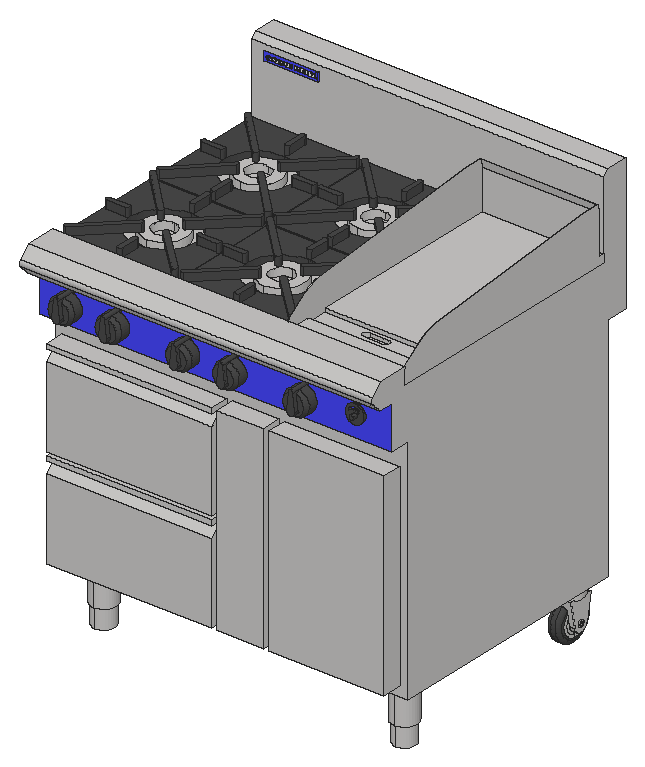
Revit family "QF_MOFFAT_BLUESEAL_CE_G516C-RB", category Specialty Equipment, Revit 2012
Parameters
  Weight in Pounds = 396  # constant formula
  Width [instance] = 900.00 mm  # constant formula
  Watts = 250 W
  Volts = 230 V
  URL Cutsheet = "www.moffat.com"
  URL = "www.moffat.com"
  Type Mark [instance] = ""
  Status [instance] = ""
  Specification by User [instance] = ""
  Specification by Manufacturer = ""
  Show Logo [instance] = yes
  Show Door [instance] = no
  Show Clearance [instance] = yes
  Show Casters [instance] = yes
  Serial Number = ""
  Seismic Rating = ""
  SMACNA No = ""
  Revision Code [instance] = ""
  Refrigerant Type = "R134a"
  Phase = 1
  Omniclass Number and Title = ""
  Number of Poles = 1
  NAFEM Spec ID Number = ""
  Model = "G516C-RB"
  Min Ckt Ampacity = 0 A
  Mechanical Remarks = ""
  Mechanical Connection Type = ""
  Max Overcurrent Protection = 0 A
  Masterspec = ""
  Manufacturer = "MOFFAT BLUESEAL"
  Legs [instance] = not(Show Casters)  # no
  Item Number [instance] = ""
  Installed By [instance] = ""
  Identify Quantity as Lot [instance] = yes
  HP = ""
  Gas Size = 3/4"
  Gas RI Height = 0.00 mm
  Gas KW = 34
  Gas Input = 116800.0 Btu/h
  Gas Connection Height = 0.00 mm
  Furnished By [instance] = ""
  Foodservice Equipment Identifier [instance] = yes
  FL Amps = 1.8 A
  Elec Conn RI Height = 0.00 mm
  Elec Conn Connection Height = 0.00 mm
  Drawer Clearance [instance] = and(Show Clearance, and(Drawer))  # yes
  Drawer [instance] = not(Show Door)  # yes
  Door Clearance [instance] = and(Show Clearance, and(Show Door))  # no
  Description = "900MM GAS COOK TOP ON REFRIGERATED BASE"
  Depth [instance] = 812.00 mm  # constant formula
  Cycle = 50 Hz
  Conn Plug = ""
  Conn Conduit = yes
  CSI MasterFormat = ""
  CSI Master Format = ""
  Back Splash [instance] = 215.00 mm  # constant formula
  Apparent Power = if(Phase = 3, Volts * FL Amps * 1.73, Volts * FL Amps)  # 414 VA
Reference planes
  plane 1 "BACK": y = 0
  plane 2: z = 0
  plane 3 "LEFT": x = 0
  plane 4 "RIGHT": x = 900
  plane 5 "FRONT": y = -812
  plane 6 "TOP": z = 970
  plane 7 "Center Y": x = 450
  plane 8 "Center X": y = -406
  plane 9 "Base Height": z = 150
  plane 10: z = 915
  plane 11: x = 65
  plane 12: x = 834
  plane 13: y = -625
  plane 14: x = 770
  plane 15: z = 655
  plane 16: y = -32
  plane 17: x = 617
  plane 18: z = 402
  plane 19: z = 1085
  plane 20: y = -100
Forms (mm)
  Extrusion 1, solid, material "QF_Finishes_Stainless Steel"
    sketch origin (0, 0, 0) x (0, 1, 0) y (0, 0, 1)
      loop
        line (-697, 150) -> (-57, 150) -> (-57, 740) -> (0, 740) -> (0, 1085) -> (-57.5, 1085) -> (-70, 1072.5) -> (-70, 875) -> (-705, 875) -> (-705, 915) -> (-783.97, 915) -> (-808.485, 890.485)
        arc (-808.485, 890.485) -> (-811.999, 882) -> (-808.485, 873.515) r 12
        line (-808.485, 873.515) -> (-784.97, 850) -> (-749, 850) -> (-749, 740) -> (-697, 740) -> (-697, 150)
    from 0 to 900
  Revolve 2, solid, material "QF_Finishes_Stainless Steel", visible <- "Legs"
    sketch origin (834, -210, 0) x (0, 1, 0) y (0, 0, -1)
      loop
        line (78.25, -150) -> (110, -150) -> (110, 0) -> (82.5, 0) -> (82.5, -50) -> (78.25, -50) -> (78.25, -150)
      axis (110, -150) -> (110, 0)
    angle from 0 to 360
  Revolve 3, solid, material "QF_Finishes_Stainless Steel"
    sketch origin (834, -735, 0) x (0, 1, 0) y (0, 0, -1)
      loop
        line (78.25, -150) -> (110, -150) -> (110, 0) -> (82.5, 0) -> (82.5, -50) -> (78.25, -50) -> (78.25, -150)
      axis (110, -150) -> (110, 0)
    angle from 0 to 360
  Revolve 4, solid, material "QF_Finishes_Stainless Steel", visible <- "Legs"
    sketch origin (65, -210, 0) x (0, 1, 0) y (0, 0, -1)
      loop
        line (78.25, -150) -> (110, -150) -> (110, 0) -> (82.5, 0) -> (82.5, -50) -> (78.25, -50) -> (78.25, -150)
      axis (110, -150) -> (110, 0)
    angle from 0 to 360
  Revolve 5, solid, material "QF_Finishes_Stainless Steel"
    sketch origin (65, -735, 0) x (0, 1, 0) y (0, 0, -1)
      loop
        line (78.25, -150) -> (110, -150) -> (110, 0) -> (82.5, 0) -> (82.5, -50) -> (78.25, -50) -> (78.25, -150)
      axis (110, -150) -> (110, 0)
    angle from 0 to 360
  Revolve 6, solid, material "QF_Finishes_Black"
    sketch origin (89.687, 0, 599.987) x (0, 1, 0) y (0, 0, -1)
      loop
        line (-789, -229.5) -> (-766, -229.5) -> (-766, -202) -> (-756, -202) -> (-756, -197) -> (-800, -197) -> (-800, -223.651) -> (-789, -229.5)
      axis (-800, -197) -> (-756, -197)
    angle from 0 to 360
  Extrusion 7, solid, material "QF_Finishes_Black"
    sketch origin (227.957, 0, 600.145) x (-1, 0, 0) y (0, 0, -1)
      loop
        line (127.85, -186.037) -> (133.271, -228.955)
        arc (133.271, -228.955) -> (138.27, -233.842) -> (143.268, -228.955) r 5
        line (143.268, -228.955) -> (148.757, -184.87)
        arc (148.757, -184.87) -> (137.685, -174.371) -> (127.85, -186.037) r 10.487
    from 759 to 808
  Extrusion 8, solid, material "QF_Finishes_Stainless Steel"
    sketch origin (0, -699, 685) x (1, 0, 0) y (0, -1, 0)
      loop
        circle (770, -667) r 13.5
    from -55 to 30
  Extrusion 9, solid, material "QF_Finishes_Stainless Steel"
    sketch origin (0, -57, 685) x (0, 0, 1) y (1, 0, 0)
      loop
        circle (-265, 620) r 13.5
    from 0 to 3.18
  Revolve 10, solid, material "QF_Finishes_Stainless Steel", visible <- "Show Casters"
    sketch origin (485.423, -100.755, -12.798) x (1, 0, 0) y (0, 0, 1)
      loop
        line (314.841, 63.604) -> (383.584, 63.604) -> (383.584, 67.109) -> (382.314, 68.379) -> (380.79, 68.379) -> (380.79, 71.826) -> (368.644, 71.826) -> (368.644, 81.79) -> (365.088, 83.843) -> (363.738, 92.179) -> (365.881, 92.179) -> (365.881, 98.529) -> (365.088, 98.529) -> (365.088, 104.879)
        arc (365.088, 104.879) -> (362.298, 111.614) -> (355.563, 114.404) r 9.525
        line (355.563, 114.404) -> (342.863, 114.404)
        arc (342.863, 114.404) -> (336.127, 111.614) -> (333.338, 104.879) r 9.525
        line (333.338, 104.879) -> (333.338, 98.529) -> (332.544, 98.529) -> (332.544, 92.179) -> (334.687, 92.179) -> (333.352, 83.932) -> (329.782, 81.871) -> (329.782, 71.826) -> (317.635, 71.826) -> (317.635, 68.379) -> (316.111, 68.379) -> (314.841, 67.109) -> (314.841, 63.604)
      axis (314.841, 63.604) -> (383.584, 63.604)
    angle from 0 to 360
  Extrusion 11, solid, material "QF_Finishes_Stainless Steel", visible <- "Show Casters"
    sketch origin (841.147, 132.353, -9.137) x (0, 1, 0) y (0, 0, 1)
      loop
        line (-200.603, 118.783) -> (-264.103, 118.783) -> (-251.746, 53.895)
        arc (-251.746, 53.895) -> (-232.353, 38.783) -> (-212.959, 53.895) r 20
        line (-212.959, 53.895) -> (-200.603, 118.783)
    from -35.667 to 22.923
  Revolve 12, solid, material "QF_Finishes_Stainless Steel", visible <- "Show Casters"
    sketch origin (834.646, -204, -0.354) x (0, 1, 0) y (0, 0, 1)
      loop
        line (68.25, 150) -> (68.25, 110) -> (104, 110) -> (104, 150) -> (68.25, 150)
      axis (104, 150) -> (104, 110)
    angle from 0 to 360
  Revolve 13, solid, material "QF_Finishes_Stainless Steel", visible <- "Show Casters"
    sketch origin (-283.577, -100.755, -12.798) x (1, 0, 0) y (0, 0, 1)
      loop
        line (314.841, 63.604) -> (383.584, 63.604) -> (383.584, 67.109) -> (382.314, 68.379) -> (380.79, 68.379) -> (380.79, 71.826) -> (368.644, 71.826) -> (368.644, 81.79) -> (365.088, 83.843) -> (363.738, 92.179) -> (365.881, 92.179) -> (365.881, 98.529) -> (365.088, 98.529) -> (365.088, 104.879)
        arc (365.088, 104.879) -> (362.298, 111.614) -> (355.563, 114.404) r 9.525
        line (355.563, 114.404) -> (342.863, 114.404)
        arc (342.863, 114.404) -> (336.127, 111.614) -> (333.338, 104.879) r 9.525
        line (333.338, 104.879) -> (333.338, 98.529) -> (332.544, 98.529) -> (332.544, 92.179) -> (334.687, 92.179) -> (333.352, 83.932) -> (329.782, 81.871) -> (329.782, 71.826) -> (317.635, 71.826) -> (317.635, 68.379) -> (316.111, 68.379) -> (314.841, 67.109) -> (314.841, 63.604)
      axis (314.841, 63.604) -> (383.584, 63.604)
    angle from 0 to 360
  Extrusion 14, solid, material "QF_Finishes_Stainless Steel", visible <- "Show Casters"
    sketch origin (72.147, 132.353, -9.137) x (0, 1, 0) y (0, 0, 1)
      loop
        line (-200.603, 118.783) -> (-264.103, 118.783) -> (-251.746, 53.895)
        arc (-251.746, 53.895) -> (-232.353, 38.783) -> (-212.959, 53.895) r 20
        line (-212.959, 53.895) -> (-200.603, 118.783)
    from -35.667 to 22.923
  Revolve 15, solid, material "QF_Finishes_Stainless Steel", visible <- "Show Casters"
    sketch origin (65.646, -204, -0.354) x (0, 1, 0) y (0, 0, 1)
      loop
        line (68.25, 150) -> (68.25, 110) -> (104, 110) -> (104, 150) -> (68.25, 150)
      axis (104, 150) -> (104, 110)
    angle from 0 to 360
  Revolve 16, solid, material "QF_Finishes_Black"
    sketch origin (210, 0, 600) x (0, 1, 0) y (0, 0, -1)
      loop
        line (-789, -229.5) -> (-766, -229.5) -> (-766, -202) -> (-756, -202) -> (-756, -197) -> (-800, -197) -> (-800, -223.651) -> (-789, -229.5)
      axis (-800, -197) -> (-756, -197)
    angle from 0 to 360
  Extrusion 17, solid, material "QF_Finishes_Black"
    sketch origin (348.27, 0, 600.158) x (-1, 0, 0) y (0, 0, -1)
      loop
        line (127.85, -186.037) -> (133.271, -228.955)
        arc (133.271, -228.955) -> (138.27, -233.842) -> (143.268, -228.955) r 5
        line (143.268, -228.955) -> (148.757, -184.87)
        arc (148.757, -184.87) -> (137.685, -174.371) -> (127.85, -186.037) r 10.487
    from 759 to 808
  Revolve 18, solid, material "QF_Finishes_Black"
    sketch origin (389.769, 0, 600) x (0, 1, 0) y (0, 0, -1)
      loop
        line (-789, -229.5) -> (-766, -229.5) -> (-766, -202) -> (-756, -202) -> (-756, -197) -> (-800, -197) -> (-800, -223.651) -> (-789, -229.5)
      axis (-800, -197) -> (-756, -197)
    angle from 0 to 360
  Extrusion 19, solid, material "QF_Finishes_Black"
    sketch origin (528.038, 0, 600.158) x (-1, 0, 0) y (0, 0, -1)
      loop
        line (127.85, -186.037) -> (133.271, -228.955)
        arc (133.271, -228.955) -> (138.27, -233.842) -> (143.268, -228.955) r 5
        line (143.268, -228.955) -> (148.757, -184.87)
        arc (148.757, -184.87) -> (137.685, -174.371) -> (127.85, -186.037) r 10.487
    from 759 to 808
  Revolve 20, solid, material "QF_Finishes_Black"
    sketch origin (689.769, 0, 600) x (0, 1, 0) y (0, 0, -1)
      loop
        line (-789, -229.5) -> (-766, -229.5) -> (-766, -202) -> (-756, -202) -> (-756, -197) -> (-800, -197) -> (-800, -223.651) -> (-789, -229.5)
      axis (-800, -197) -> (-756, -197)
    angle from 0 to 360
  Extrusion 21, solid, material "QF_Finishes_Black"
    sketch origin (828.038, 0, 600.158) x (-1, 0, 0) y (0, 0, -1)
      loop
        line (127.85, -186.037) -> (133.271, -228.955)
        arc (133.271, -228.955) -> (138.27, -233.842) -> (143.268, -228.955) r 5
        line (143.268, -228.955) -> (148.757, -184.87)
        arc (148.757, -184.87) -> (137.685, -174.371) -> (127.85, -186.037) r 10.487
    from 759 to 808
  Extrusion 22, solid, material "QF_Finishes_Black"
    sketch origin (0, -749, 866) x (0, 0, -1) y (1, 0, 0)
      loop
        circle (69, 810) r 23.9
      loop
        arc (57.701, 824.079) -> (51.116, 809.341) -> (58.919, 795.209) r 18.095
        arc (58.919, 795.209) -> (63.641, 796.491) -> (62.326, 801.204) r 3.448
        arc (62.326, 801.204) -> (58.758, 809.683) -> (61.641, 818.419) r 13.109
        arc (61.641, 818.419) -> (62.501, 823.219) -> (57.701, 824.079) r 3.448
    from 0 to 5
  Extrusion 23, solid, material "QF_Finishes_Black"
    sketch origin (0, -754, 866) x (0, 0, -1) y (1, 0, 0)
      loop
        circle (72.5, 810) r 5.75
    from 0 to 10
  Extrusion 24, solid, material "QF_Finishes_Stainless Steel"
    sketch origin (0, 0, 0) x (0, 1, 0) y (0, 0, 1)
      loop
        line (-699, 678) -> (-747, 678) -> (-747, 665) -> (-715.13, 665) -> (-749, 636.579) -> (-749, 431) -> (-699, 431) -> (-699, 678)
      loop
        line (-749, 175) -> (-699, 175) -> (-699, 421) -> (-747, 421) -> (-747, 408) -> (-715.13, 408) -> (-749, 379.579) -> (-749, 175)
    from 17.986 to 440
  Extrusion 25, solid, material "QF_Finishes_Stainless Steel"
    sketch origin (723.5, 0, 0) x (0, 1, 0) y (0, 0, 1)
      loop
        line (-699, 678) -> (-749, 678) -> (-749, 175) -> (-699, 175) -> (-699, 678)
    from -270.5 to -150.5
  Extrusion 26, solid, material "QF_Door-Drawer Clearances", visible <- "Show Clearance", detail levels coarse
    sketch origin (0, -749, 676) x (0, 0, -1) y (1, 0, 0)
      loop
        line (501, 440) -> (255, 440) -> (255, 17.986) -> (501, 17.986) -> (501, 440)
      loop
        line (245, 440) -> (-2, 440) -> (-2, 17.986) -> (245, 17.986) -> (245, 440)
    from 0 to 304.8
  Extrusion 27, solid, material "QF_Finishes_Stainless Steel"
    sketch origin (1031.5, 0, 0) x (0, 1, 0) y (0, 0, 1)
      loop
        line (-699, 678) -> (-749, 678) -> (-749, 175) -> (-699, 175) -> (-699, 678)
    from -444.5 to -150.5
  Revolve 28, solid, material "QF_Finishes_Black"
    sketch origin (510.081, 0, 600.013) x (0, 1, 0) y (0, 0, -1)
      loop
        line (-789, -229.5) -> (-766, -229.5) -> (-766, -202) -> (-756, -202) -> (-756, -197) -> (-800, -197) -> (-800, -223.651) -> (-789, -229.5)
      axis (-800, -197) -> (-756, -197)
    angle from 0 to 360
  Extrusion 29, solid, material "QF_Finishes_Black"
    sketch origin (648.351, 0, 600.171) x (-1, 0, 0) y (0, 0, -1)
      loop
        line (127.85, -186.037) -> (133.271, -228.955)
        arc (133.271, -228.955) -> (138.27, -233.842) -> (143.268, -228.955) r 5
        line (143.268, -228.955) -> (148.757, -184.87)
        arc (148.757, -184.87) -> (137.685, -174.371) -> (127.85, -186.037) r 10.487
    from 759 to 808
Lines and regions (mm)
  Split face 1
    outline origin (0, 612.322, 1085) x (0, -1, 0) y (1, 0, 0)
      loop
        arc (657.707, 566) -> (652.707, 574.66) -> (642.707, 574.66) r 10
        line (642.707, 574.66) -> (635.707, 570.619)
        arc (635.707, 570.619) -> (632.047, 566.959) -> (630.707, 561.959) r 10
        line (630.707, 561.959) -> (630.707, 334)
        arc (630.707, 334) -> (635.707, 325.34) -> (645.707, 325.34) r 10
        line (645.707, 325.34) -> (652.707, 329.381)
        arc (652.707, 329.381) -> (656.368, 333.041) -> (657.707, 338.041) r 10
        line (657.707, 338.041) -> (657.707, 566)
  Split face 2
    outline origin (0, 612.322, 1085) x (0, -1, 0) y (1, 0, 0)
      loop
        arc (630.707, 624) -> (635.707, 615.34) -> (645.707, 615.34) r 10
        line (645.707, 615.34) -> (652.707, 619.381)
        arc (652.707, 619.381) -> (656.368, 623.041) -> (657.707, 628.041) r 10
        line (657.707, 628.041) -> (657.707, 856)
        arc (657.707, 856) -> (652.707, 864.66) -> (642.707, 864.66) r 10
        line (642.707, 864.66) -> (635.707, 860.619)
        arc (635.707, 860.619) -> (632.047, 856.959) -> (630.707, 851.959) r 10
        line (630.707, 851.959) -> (630.707, 624)
  Split face 3
    outline origin (0, 612.322, 1085) x (0, -1, 0) y (1, 0, 0)
      loop
        arc (657.707, 276) -> (652.707, 284.66) -> (642.707, 284.66) r 10
        line (642.707, 284.66) -> (635.707, 280.619)
        arc (635.707, 280.619) -> (632.047, 276.959) -> (630.707, 271.959) r 10
        line (630.707, 271.959) -> (630.707, 44)
        arc (630.707, 44) -> (635.707, 35.34) -> (645.707, 35.34) r 10
        line (645.707, 35.34) -> (652.707, 39.381)
        arc (652.707, 39.381) -> (656.368, 43.041) -> (657.707, 48.041) r 10
        line (657.707, 48.041) -> (657.707, 276)
  Split face 4
    outline origin (1031.5, -749, 676) x (0, 0, -1) y (1, 0, 0)
      loop
        line (291.62, -416.534) -> (481.62, -416.534) -> (481.62, -181.534) -> (291.62, -181.534) -> (291.62, -416.534)
  Split face 5
    outline origin (1031.5, -749, 931) x (0, 0, -1) y (1, 0, 0)
      loop
        line (291.62, -416.534) -> (356.62, -416.534) -> (356.62, -181.534) -> (291.62, -181.534) -> (291.62, -416.534)
  Split face 6
    outline origin (1031.5, -749, 807.725) x (0, 0, -1) y (1, 0, 0)
      loop
        line (307.841, -274.649) -> (342.841, -274.649) -> (342.841, -219.649) -> (307.841, -219.649) -> (307.841, -274.649)
  Split face 7
    outline origin (939.097, -749, 808.536) x (0, 0, -1) y (1, 0, 0)
      loop
        line (307.841, -274.649) -> (342.841, -274.649) -> (342.841, -239.649) -> (307.841, -239.649) -> (307.841, -274.649)
  symbolic lines
    curve 1: line (0, 0, 0) -> (0, -812, 0)
    curve 2: line (900, 0, 0) -> (0, 0, 0)
    curve 3: line (900, -812, 0) -> (900, 0, 0)
    curve 4: line (0, -812, 0) -> (900, -812, 0)
    curve 13: line (0, -783.97, 0) -> (900, -783.97, 0)
    curve 14: line (0, -70, 0) -> (900, -70, 0)
    curve 15: line (334, -18.385, 0) -> (561.959, -18.385, 0)
    curve 16: arc (561.959, -18.385, 0) -> (566.959, -19.725, 0) -> (570.619, -23.385, 0) r 10
    curve 17: line (570.619, -23.385, 0) -> (574.66, -30.385, 0)
    curve 18: arc (574.66, -30.385, 0) -> (574.66, -40.385, 0) -> (566, -45.385, 0) r 10
    curve 19: line (566, -45.385, 0) -> (338.041, -45.385, 0)
    curve 20: arc (338.041, -45.385, 0) -> (333.041, -44.045, 0) -> (329.381, -40.385, 0) r 10
    curve 21: line (329.381, -40.385, 0) -> (325.34, -33.385, 0)
    curve 22: arc (325.34, -33.385, 0) -> (325.34, -23.385, 0) -> (334, -18.385, 0) r 10
    curve 23: line (44, -18.385, 0) -> (271.959, -18.385, 0)
    curve 24: arc (271.959, -18.385, 0) -> (276.959, -19.725, 0) -> (280.619, -23.385, 0) r 10
    curve 25: line (280.619, -23.385, 0) -> (284.66, -30.385, 0)
    curve 26: arc (284.66, -30.385, 0) -> (284.66, -40.385, 0) -> (276, -45.385, 0) r 10
    curve 27: line (276, -45.385, 0) -> (48.041, -45.385, 0)
    curve 28: arc (48.041, -45.385, 0) -> (43.041, -44.045, 0) -> (39.381, -40.385, 0) r 10
    curve 29: line (39.381, -40.385, 0) -> (35.34, -33.385, 0)
    curve 30: arc (35.34, -33.385, 0) -> (35.34, -23.385, 0) -> (44, -18.385, 0) r 10
    curve 31: line (624, -18.385, 0) -> (851.959, -18.385, 0)
    curve 32: arc (851.959, -18.385, 0) -> (856.959, -19.725, 0) -> (860.619, -23.385, 0) r 10
    curve 33: line (860.619, -23.385, 0) -> (864.66, -30.385, 0)
    curve 34: arc (864.66, -30.385, 0) -> (864.66, -40.385, 0) -> (856, -45.385, 0) r 10
    curve 35: line (856, -45.385, 0) -> (628.041, -45.385, 0)
    curve 36: arc (628.041, -45.385, 0) -> (623.041, -44.045, 0) -> (619.381, -40.385, 0) r 10
    curve 37: line (619.381, -40.385, 0) -> (615.34, -33.385, 0)
    curve 38: arc (615.34, -33.385, 0) -> (615.34, -23.385, 0) -> (624, -18.385, 0) r 10
    curve 39: line (0, -57.5, 0) -> (900, -57.5, 0)
  symbolic lines, style "SpecialityEquipmentHiddenLines", visible <- "Show Casters"
    curve 5: line (875.952, -62.61, 0) -> (825.152, -150.598, 0)
    curve 6: line (848.456, -46.735, 0) -> (875.952, -62.61, 0)
    curve 7: line (797.656, -134.723, 0) -> (848.456, -46.735, 0)
    curve 8: line (825.152, -150.598, 0) -> (797.656, -134.723, 0)
    curve 9: line (106.952, -62.61, 0) -> (56.152, -150.598, 0)
    curve 10: line (79.456, -46.735, 0) -> (106.952, -62.61, 0)
    curve 11: line (28.656, -134.723, 0) -> (79.456, -46.735, 0)
    curve 12: line (56.152, -150.598, 0) -> (28.656, -134.723, 0)
  symbolic lines, style "QF_Door-Drawer Clearances"
    curve 40: line (17.986, -1053.8, 0) -> (440, -1053.8, 0)
    curve 41: line (440, -1053.8, 0) -> (440, -812, 0)
    curve 42: line (17.986, -1053.8, 0) -> (17.986, -812, 0)
Dimensions and locks
  equal spacing: plane 3 "LEFT", plane 7 "Center Y", plane 4 "RIGHT"
  "Width": plane 3 "LEFT" to plane 4 "RIGHT"
  equal spacing: plane 5 "FRONT", plane 8 "Center X", plane 1 "BACK"
  "Depth": plane 5 "FRONT" to plane 1 "BACK"
  locked: plane 10 to level at 915
  locked: plane 9 "Base Height" to level at 150
  plane 6 "TOP" to plane 10 = 55.00 mm
  plane 12 to plane 11 = 769.00 mm
  plane 6 "TOP" to level = 970.00 mm
  plane 14 to plane 4 "RIGHT" = 130.00 mm
  plane 15 to level = 655.00 mm
  plane 16 to plane 1 "BACK" = 32.00 mm
  plane 17 to plane 4 "RIGHT" = 283.00 mm
  plane 18 to level = 402.00 mm
  plane 19 to plane 2 = 1085.00 mm
  Revolve 10 sketch curve to Revolve 10 sketch curve = 50.80 mm
  Revolve 13 sketch curve to Revolve 13 sketch curve = 50.80 mm
  plane 2 to Extrusion 9 sketch curve = 420.00 mm
  aligned and locked: level to plane 2
Automatic sketch dimensions
  plane 1 "BACK" to curve 1 = 0.00 mm
  curve 1 to plane 3 "LEFT" = 0.00 mm
  plane 5 "FRONT" to curve 42 = 0.00 mm
  curve 39 to plane 4 "RIGHT" = 0.00 mm
  plane 3 "LEFT" to curve 42 = 17.986 mm
  plane 3 "LEFT" to curve 12 = 28.656 mm
  curve 29 to plane 16 = 1.385 mm
  curve 29 to plane 11 = 29.66 mm
  curve 29 to plane 16 = 8.385 mm
  curve 30 to curve 29 = 4.041 mm
  plane 16 to curve 23 = 13.615 mm
  curve 30 to curve 23 = 8.66 mm
  curve 28 to curve 28 = 8.66 mm
  curve 9 to plane 11 = 8.848 mm
  plane 11 to curve 11 = 14.456 mm
  plane 16 to curve 24 = 3.615 mm
  curve 9 to curve 24 = 165.007 mm
  curve 26 to plane 16 = 3.385 mm
  curve 24 to curve 26 = 4.041 mm
  plane 16 to curve 24 = 8.615 mm
  plane 16 to curve 25 = 1.615 mm
  curve 25 to curve 25 = 4.041 mm
  curve 22 to plane 16 = 1.385 mm
  curve 25 to curve 22 = 40.679 mm
  curve 21 to plane 16 = 8.385 mm
  curve 21 to curve 21 = 4.041 mm
  plane 16 to curve 15 = 13.615 mm
  curve 22 to curve 15 = 8.66 mm
  curve 21 to curve 19 = 8.66 mm
  curve 41 to plane 7 "Center Y" = 10.00 mm
  curve 15 to plane 17 = 55.041 mm
  curve 16 to curve 19 = 4.041 mm
  plane 16 to curve 17 = 8.615 mm
  curve 15 to curve 17 = 8.66 mm
  plane 16 to curve 17 = 1.615 mm
  curve 17 to curve 17 = 4.041 mm
  curve 38 to plane 17 = 1.66 mm
  plane 17 to curve 36 = 2.381 mm
  plane 17 to curve 38 = 7.00 mm
  curve 36 to plane 16 = 3.385 mm
  curve 38 to curve 36 = 4.041 mm
  plane 14 to curve 8 = 27.656 mm
  plane 12 to curve 5 = 8.848 mm
  curve 7 to plane 12 = 14.456 mm
  plane 16 to curve 32 = 3.615 mm
  curve 32 to plane 12 = 17.959 mm
  curve 34 to plane 16 = 3.385 mm
  curve 32 to curve 34 = 4.041 mm  (x2)
  plane 16 to curve 33 = 8.615 mm
  curve 32 to curve 33 = 8.66 mm
  plane 16 to curve 34 = 1.615 mm
  curve 40 to curve 42 = 241.80 mm
  curve 13 to plane 5 "FRONT" = 28.03 mm
  plane 20 to curve 9 = 50.598 mm
  plane 20 to curve 5 = 50.598 mm
  curve 5 to curve 7 = 15.875 mm
  curve 9 to curve 11 = 15.875 mm
  curve 14 to curve 5 = 7.39 mm
  curve 14 to curve 39 = 12.50 mm
  curve 18 to plane 16 = 13.385 mm
  curve 37 to plane 16 = 1.385 mm
  Extrusion 1 sketch curve to plane 10 = 0.00 mm
  Extrusion 1 sketch curve to plane 9 "Base Height" = 0.00 mm
  Extrusion 1 sketch curve to plane 19 = 0.00 mm
  Extrusion 1 sketch curve to plane 1 "BACK" = 0.00 mm
  Extrusion 1 sketch curve to plane 16 = 25.00 mm
  Extrusion 1 sketch curve to plane 16 = 25.50 mm
  Extrusion 1 sketch curve to plane 20 = 30.00 mm
  Extrusion 1 sketch curve to plane 13 = 72.00 mm
  Extrusion 1 sketch curve to plane 13 = 80.00 mm
  Extrusion 1 sketch curve to Extrusion 1 sketch curve = 44.00 mm
  Extrusion 1 sketch curve to plane 5 "FRONT" = 28.03 mm
  Extrusion 1 sketch curve to plane 5 "FRONT" = 27.03 mm
  Extrusion 1 sketch curve to plane 5 "FRONT" = 12.001 mm
  Extrusion 1 sketch curve to plane 5 "FRONT" = 3.515 mm  (x2)
  plane 15 to Extrusion 1 sketch curve = 85.00 mm  (x2)
  Extrusion 1 sketch curve to plane 10 = 65.00 mm
  Extrusion 1 sketch curve to Extrusion 1 sketch curve = 23.515 mm
  Extrusion 1 sketch curve to Extrusion 1 sketch curve = 40.00 mm
  Extrusion 1 sketch curve to Extrusion 1 sketch curve = 8.485 mm
  Extrusion 1 sketch curve to plane 19 = 12.50 mm
  Revolve 2 sketch curve to plane 9 "Base Height" = 0.00 mm
  Revolve 2 sketch curve to level = 0.00 mm
  Revolve 2 sketch curve to plane 20 = 0.00 mm  (x2)
  plane 20 to Revolve 2 sketch curve = 27.50 mm
  plane 20 to Revolve 2 sketch curve = 31.75 mm
  level to Revolve 2 sketch curve = 50.00 mm
  Revolve 2 sketch curve to Revolve 2 sketch curve = 0.00 mm
  Revolve 2 sketch curve to Revolve 2 sketch curve = 55.00 mm
  Revolve 3 sketch curve to plane 9 "Base Height" = 0.00 mm
  Revolve 3 sketch curve to level = 0.00 mm
  Revolve 3 sketch curve to plane 13 = 0.00 mm  (x2)
  Revolve 3 sketch curve to plane 13 = 27.50 mm
  Revolve 3 sketch curve to plane 13 = 31.75 mm
  level to Revolve 3 sketch curve = 50.00 mm
  Revolve 3 sketch curve to Revolve 3 sketch curve = 0.00 mm
  Revolve 3 sketch curve to Revolve 3 sketch curve = 55.00 mm
  Revolve 4 sketch curve to plane 9 "Base Height" = 0.00 mm
  Revolve 4 sketch curve to level = 0.00 mm
  Revolve 4 sketch curve to plane 20 = 0.00 mm  (x2)
  plane 20 to Revolve 4 sketch curve = 27.50 mm
  plane 20 to Revolve 4 sketch curve = 31.75 mm
  level to Revolve 4 sketch curve = 50.00 mm
  Revolve 4 sketch curve to Revolve 4 sketch curve = 0.00 mm
  Revolve 4 sketch curve to Revolve 4 sketch curve = 55.00 mm
  Revolve 5 sketch curve to plane 9 "Base Height" = 0.00 mm
  Revolve 5 sketch curve to level = 0.00 mm
  Revolve 5 sketch curve to plane 13 = 0.00 mm  (x2)
  Revolve 5 sketch curve to plane 13 = 27.50 mm
  Revolve 5 sketch curve to plane 13 = 31.75 mm
  level to Revolve 5 sketch curve = 50.00 mm
  Revolve 5 sketch curve to Revolve 5 sketch curve = 0.00 mm
  Revolve 5 sketch curve to Revolve 5 sketch curve = 55.00 mm
  Revolve 6 sketch curve to plane 5 "FRONT" = 12.00 mm
  Revolve 6 sketch curve to Revolve 6 sketch curve = 0.00 mm  (x2)
  Revolve 6 sketch curve to Revolve 6 sketch curve = 11.00 mm
  Revolve 6 sketch curve to Revolve 6 sketch curve = 12.70 mm
  Revolve 6 sketch curve to Revolve 6 sketch curve = 23.00 mm
  Revolve 6 sketch curve to Revolve 6 sketch curve = 10.00 mm
  Revolve 6 sketch curve to plane 10 = 85.513 mm
  Revolve 6 sketch curve to Revolve 6 sketch curve = 5.849 mm
  Revolve 6 sketch curve to Revolve 6 sketch curve = 27.50 mm
  Revolve 6 sketch curve to Revolve 6 sketch curve = 5.00 mm
  plane 11 to Extrusion 7 sketch curve = 35.106 mm
  plane 11 to Extrusion 7 sketch curve = 29.686 mm
  Extrusion 7 sketch curve to Extrusion 7 sketch curve = 10.419 mm
  Extrusion 7 sketch curve to Extrusion 7 sketch curve = 4.999 mm  (x2)
  Extrusion 7 sketch curve to Extrusion 7 sketch curve = 10.487 mm
  Extrusion 7 sketch curve to plane 10 = 85.899 mm
  Extrusion 7 sketch curve to Extrusion 7 sketch curve = 0.113 mm
  Extrusion 7 sketch curve to Extrusion 7 sketch curve = 42.919 mm
  Extrusion 7 sketch curve to Extrusion 7 sketch curve = 1.167 mm
  Extrusion 8 sketch curve to plane 14 = 0.00 mm
  Extrusion 8 sketch curve to plane 16 = 0.00 mm
  Extrusion 1 to Extrusion 9 sketch curve = 280.00 mm
  plane 14 to Revolve 10 sketch curve = 30.264 mm
  Revolve 10 sketch curve to Revolve 10 sketch curve = 1.27 mm  (x4)
  Revolve 10 sketch curve to Revolve 10 sketch curve = 1.524 mm  (x2)
  Revolve 10 sketch curve to Revolve 10 sketch curve = 12.146 mm  (x2)
  plane 12 to Revolve 10 sketch curve = 16.033 mm
  Revolve 10 sketch curve to Revolve 10 sketch curve = 0.794 mm  (x2)
  Revolve 10 sketch curve to Revolve 10 sketch curve = 3.57 mm
  Revolve 10 sketch curve to Revolve 10 sketch curve = 2.143 mm
  plane 12 to Revolve 10 sketch curve = 5.715 mm
  Revolve 10 sketch curve to plane 12 = 5.776 mm
  Revolve 10 sketch curve to plane 12 = 6.985 mm
  Revolve 10 sketch curve to Revolve 10 sketch curve = 8.176 mm
  Revolve 10 sketch curve to Revolve 10 sketch curve = 1.349 mm  (x2)
  Revolve 10 sketch curve to Revolve 10 sketch curve = 3.556 mm
  Revolve 10 sketch curve to plane 4 "RIGHT" = 2.327 mm
  level to Revolve 10 sketch curve = 50.806 mm
  Revolve 10 sketch curve to Revolve 10 sketch curve = 0.00 mm
  Revolve 10 sketch curve to Revolve 10 sketch curve = 3.505 mm  (x2)
  Revolve 10 sketch curve to Revolve 10 sketch curve = 3.447 mm  (x2)
  Revolve 10 sketch curve to Revolve 10 sketch curve = 9.964 mm
  Revolve 10 sketch curve to Revolve 10 sketch curve = 10.045 mm
  Revolve 10 sketch curve to Revolve 10 sketch curve = 2.053 mm
  Revolve 10 sketch curve to Revolve 10 sketch curve = 2.061 mm
  Revolve 10 sketch curve to Revolve 10 sketch curve = 8.247 mm
  Revolve 10 sketch curve to Revolve 10 sketch curve = 8.336 mm
  Revolve 10 sketch curve to Revolve 10 sketch curve = 6.35 mm  (x2)
  Extrusion 11 sketch curve to plane 20 = 0.00 mm
  plane 20 to Extrusion 11 sketch curve = 19.393 mm
  plane 20 to Extrusion 11 sketch curve = 31.75 mm
  Extrusion 11 sketch curve to plane 20 = 19.393 mm
  Extrusion 11 sketch curve to plane 20 = 31.75 mm
  level to Extrusion 11 sketch curve = 44.758 mm
  Extrusion 11 sketch curve to Extrusion 11 sketch curve = 4.889 mm
  Extrusion 11 sketch curve to plane 9 "Base Height" = 40.354 mm
  Revolve 12 sketch curve to plane 20 = 0.00 mm  (x2)
  Revolve 12 sketch curve to plane 9 "Base Height" = 0.354 mm
  Revolve 12 sketch curve to Revolve 12 sketch curve = 35.75 mm
  Revolve 12 sketch curve to Revolve 12 sketch curve = 40.00 mm
  level to Revolve 12 sketch curve = 49.646 mm
  Revolve 12 sketch curve to level = 55.354 mm
  plane 3 "LEFT" to Revolve 13 sketch curve = 31.264 mm
  Revolve 13 sketch curve to Revolve 13 sketch curve = 1.27 mm  (x4)
  Revolve 13 sketch curve to Revolve 13 sketch curve = 1.524 mm  (x2)
  Revolve 13 sketch curve to Revolve 13 sketch curve = 12.146 mm  (x2)
  Revolve 13 sketch curve to plane 11 = 16.033 mm
  Revolve 13 sketch curve to Revolve 13 sketch curve = 0.794 mm  (x2)
  Revolve 13 sketch curve to Revolve 13 sketch curve = 3.57 mm
  Revolve 13 sketch curve to Revolve 13 sketch curve = 2.143 mm
  Revolve 13 sketch curve to plane 11 = 5.715 mm
  plane 11 to Revolve 13 sketch curve = 5.776 mm
  plane 11 to Revolve 13 sketch curve = 6.985 mm
  Revolve 13 sketch curve to Revolve 13 sketch curve = 8.176 mm
  Revolve 13 sketch curve to Revolve 13 sketch curve = 1.349 mm  (x2)
  Revolve 13 sketch curve to Revolve 13 sketch curve = 3.556 mm
  Revolve 13 sketch curve to Revolve 13 sketch curve = 33.32 mm
  level to Revolve 13 sketch curve = 50.806 mm
  Revolve 13 sketch curve to Revolve 13 sketch curve = 0.00 mm
  Revolve 13 sketch curve to Revolve 13 sketch curve = 3.505 mm  (x2)
  Revolve 13 sketch curve to Revolve 13 sketch curve = 3.447 mm  (x2)
  Revolve 13 sketch curve to Revolve 13 sketch curve = 9.964 mm
  Revolve 13 sketch curve to Revolve 13 sketch curve = 10.045 mm
  Revolve 13 sketch curve to Revolve 13 sketch curve = 2.053 mm
  Revolve 13 sketch curve to Revolve 13 sketch curve = 2.061 mm
  Revolve 13 sketch curve to Revolve 13 sketch curve = 8.247 mm
  Revolve 13 sketch curve to Revolve 13 sketch curve = 8.336 mm
  Revolve 13 sketch curve to Revolve 13 sketch curve = 6.35 mm  (x2)
  Extrusion 14 sketch curve to plane 20 = 0.00 mm
  plane 20 to Extrusion 14 sketch curve = 19.393 mm
  plane 20 to Extrusion 14 sketch curve = 31.75 mm
  Extrusion 14 sketch curve to plane 20 = 19.393 mm
  Extrusion 14 sketch curve to plane 20 = 31.75 mm
  level to Extrusion 14 sketch curve = 44.758 mm
  Extrusion 14 sketch curve to Extrusion 14 sketch curve = 4.889 mm
  Extrusion 14 sketch curve to plane 9 "Base Height" = 40.354 mm
  Revolve 15 sketch curve to plane 20 = 0.00 mm  (x2)
  Revolve 15 sketch curve to plane 9 "Base Height" = 0.354 mm
  plane 20 to Revolve 15 sketch curve = 35.75 mm
  Revolve 15 sketch curve to Revolve 15 sketch curve = 40.00 mm
  level to Revolve 15 sketch curve = 49.646 mm
  Revolve 15 sketch curve to level = 55.354 mm
  Split face 1 sketch curve to Extrusion 1 = 18.385 mm
  Split face 1 sketch curve to Split face 1 sketch curve = 5.00 mm  (x2)
  Split face 1 sketch curve to Split face 1 sketch curve = 10.00 mm  (x3)
  Split face 1 sketch curve to Split face 1 sketch curve = 7.00 mm  (x4)
  Split face 1 sketch curve to Extrusion 1 = 325.34 mm
  Split face 1 sketch curve to Split face 1 sketch curve = 4.041 mm  (x2)
  Split face 1 sketch curve to Split face 1 sketch curve = 223.917 mm
  Split face 2 sketch curve to Extrusion 1 = 18.385 mm
  Split face 2 sketch curve to Split face 2 sketch curve = 5.00 mm  (x2)
  Split face 2 sketch curve to Split face 2 sketch curve = 10.00 mm  (x3)
  Split face 2 sketch curve to Split face 2 sketch curve = 7.00 mm  (x4)
  Split face 2 sketch curve to Extrusion 1 = 284.66 mm
  Split face 2 sketch curve to Split face 2 sketch curve = 4.041 mm  (x2)
  Split face 2 sketch curve to Extrusion 1 = 48.041 mm
  Split face 3 sketch curve to Extrusion 1 = 18.385 mm
  Split face 3 sketch curve to Split face 3 sketch curve = 5.00 mm  (x2)
  Split face 3 sketch curve to Split face 3 sketch curve = 10.00 mm  (x3)
  Split face 3 sketch curve to Split face 3 sketch curve = 7.00 mm  (x4)
  Split face 3 sketch curve to Extrusion 1 = 35.34 mm
  Split face 3 sketch curve to Split face 3 sketch curve = 4.041 mm  (x2)
  Split face 3 sketch curve to Split face 3 sketch curve = 223.917 mm
  Revolve 16 sketch curve to plane 5 "FRONT" = 12.00 mm
  Revolve 16 sketch curve to Revolve 16 sketch curve = 0.00 mm  (x2)
  Revolve 16 sketch curve to Revolve 16 sketch curve = 11.00 mm
  Revolve 16 sketch curve to Revolve 16 sketch curve = 12.70 mm
  Revolve 16 sketch curve to Revolve 16 sketch curve = 23.00 mm
  Revolve 16 sketch curve to Revolve 16 sketch curve = 10.00 mm
  Revolve 16 sketch curve to plane 10 = 85.50 mm
  Revolve 16 sketch curve to Revolve 16 sketch curve = 5.849 mm
  Revolve 16 sketch curve to Revolve 16 sketch curve = 27.50 mm
  Revolve 16 sketch curve to Revolve 16 sketch curve = 5.00 mm
  plane 11 to Extrusion 17 sketch curve = 155.419 mm
  Extrusion 17 sketch curve to Extrusion 17 sketch curve = 5.421 mm
  Extrusion 17 sketch curve to Extrusion 17 sketch curve = 10.419 mm
  Extrusion 17 sketch curve to Extrusion 17 sketch curve = 4.999 mm  (x2)
  Extrusion 17 sketch curve to plane 10 = 85.887 mm
  Extrusion 17 sketch curve to Extrusion 17 sketch curve = 10.487 mm
  Extrusion 17 sketch curve to Extrusion 17 sketch curve = 0.113 mm
  Extrusion 17 sketch curve to Extrusion 17 sketch curve = 42.919 mm
  Extrusion 17 sketch curve to Extrusion 17 sketch curve = 1.167 mm
  Revolve 18 sketch curve to plane 5 "FRONT" = 12.00 mm
  Revolve 18 sketch curve to Revolve 18 sketch curve = 0.00 mm  (x2)
  Revolve 18 sketch curve to Revolve 18 sketch curve = 11.00 mm
  Revolve 18 sketch curve to Revolve 18 sketch curve = 12.70 mm
  Revolve 18 sketch curve to Revolve 18 sketch curve = 23.00 mm
  Revolve 18 sketch curve to Revolve 18 sketch curve = 10.00 mm
  Revolve 18 sketch curve to plane 10 = 85.50 mm
  Revolve 18 sketch curve to Revolve 18 sketch curve = 5.849 mm
  Revolve 18 sketch curve to Revolve 18 sketch curve = 27.50 mm
  Revolve 18 sketch curve to Revolve 18 sketch curve = 5.00 mm
  Extrusion 19 sketch curve to plane 7 "Center Y" = 49.812 mm
  Extrusion 19 sketch curve to Extrusion 19 sketch curve = 5.421 mm
  Extrusion 19 sketch curve to Extrusion 19 sketch curve = 10.419 mm
  Extrusion 19 sketch curve to Extrusion 19 sketch curve = 4.999 mm  (x2)
  Extrusion 19 sketch curve to Extrusion 19 sketch curve = 10.487 mm
  Extrusion 19 sketch curve to plane 10 = 85.887 mm
  Extrusion 19 sketch curve to Extrusion 19 sketch curve = 0.113 mm
  Extrusion 19 sketch curve to Extrusion 19 sketch curve = 42.919 mm
  Extrusion 19 sketch curve to Extrusion 19 sketch curve = 1.167 mm
  Revolve 20 sketch curve to plane 5 "FRONT" = 12.00 mm
  Revolve 20 sketch curve to Revolve 20 sketch curve = 0.00 mm  (x2)
  Revolve 20 sketch curve to Revolve 20 sketch curve = 11.00 mm
  Revolve 20 sketch curve to Revolve 20 sketch curve = 12.70 mm
  Revolve 20 sketch curve to Revolve 20 sketch curve = 23.00 mm
  Revolve 20 sketch curve to Revolve 20 sketch curve = 10.00 mm
  Revolve 20 sketch curve to plane 10 = 85.50 mm
  Revolve 20 sketch curve to Revolve 20 sketch curve = 5.849 mm
  Revolve 20 sketch curve to Revolve 20 sketch curve = 27.50 mm
  Revolve 20 sketch curve to Revolve 20 sketch curve = 5.00 mm
  Extrusion 21 sketch curve to plane 14 = 69.812 mm
  Extrusion 21 sketch curve to Extrusion 21 sketch curve = 5.421 mm
  Extrusion 21 sketch curve to Extrusion 21 sketch curve = 10.419 mm
  Extrusion 21 sketch curve to Extrusion 21 sketch curve = 4.999 mm  (x2)
  Extrusion 21 sketch curve to Extrusion 21 sketch curve = 10.487 mm
  Extrusion 21 sketch curve to plane 10 = 85.887 mm
  Extrusion 21 sketch curve to Extrusion 21 sketch curve = 0.113 mm
  Extrusion 21 sketch curve to Extrusion 21 sketch curve = 42.919 mm
  Extrusion 21 sketch curve to Extrusion 21 sketch curve = 1.167 mm
  Extrusion 22 sketch curve to Extrusion 1 = 41.701 mm
  Extrusion 22 sketch curve to Extrusion 22 sketch curve = 1.218 mm
  Extrusion 22 sketch curve to Extrusion 22 sketch curve = 1.97 mm  (x2)
  Extrusion 22 sketch curve to Extrusion 22 sketch curve = 1.724 mm
  Extrusion 22 sketch curve to Extrusion 22 sketch curve = 1.683 mm
  Extrusion 22 sketch curve to Extrusion 22 sketch curve = 6.674 mm
  Extrusion 22 sketch curve to Extrusion 22 sketch curve = 0.195 mm
  Extrusion 22 sketch curve to Extrusion 22 sketch curve = 2.662 mm
  Extrusion 1 to Extrusion 22 sketch curve = 104.791 mm
  Extrusion 22 sketch curve to Extrusion 22 sketch curve = 2.986 mm
  Extrusion 22 sketch curve to Extrusion 22 sketch curve = 8.796 mm
  Extrusion 22 sketch curve to Extrusion 22 sketch curve = 0.103 mm
  Extrusion 22 sketch curve to Extrusion 22 sketch curve = 0.102 mm
  Extrusion 24 sketch curve to plane 15 = 18.421 mm
  Extrusion 24 sketch curve to plane 5 "FRONT" = 63.00 mm  (x2)
  plane 9 "Base Height" to Extrusion 24 sketch curve = 25.00 mm
  plane 18 to Extrusion 24 sketch curve = 6.00 mm
  Extrusion 24 sketch curve to Extrusion 24 sketch curve = 2.00 mm  (x2)
  plane 15 to Extrusion 24 sketch curve = 10.00 mm
  Extrusion 24 sketch curve to Extrusion 24 sketch curve = 31.87 mm  (x2)
  Extrusion 24 sketch curve to Extrusion 24 sketch curve = 50.00 mm
  Extrusion 24 sketch curve to Extrusion 24 sketch curve = 0.00 mm
  Extrusion 24 sketch curve to plane 18 = 22.421 mm
  plane 18 to Extrusion 24 sketch curve = 19.00 mm
  Extrusion 24 sketch curve to Extrusion 24 sketch curve = 10.00 mm
  Extrusion 24 sketch curve to Extrusion 24 sketch curve = 13.00 mm
  plane 9 "Base Height" to Extrusion 25 sketch curve = 25.00 mm
  Extrusion 25 sketch curve to plane 5 "FRONT" = 63.00 mm
  Extrusion 25 sketch curve to Extrusion 25 sketch curve = 50.00 mm
  plane 15 to Extrusion 25 sketch curve = 23.00 mm
  Extrusion 26 sketch curve to Extrusion 24 = 0.00 mm  (x3)
  Extrusion 24 to Extrusion 26 sketch curve = 0.00 mm  (x2)
  Extrusion 24 to Extrusion 26 sketch curve = 41.421 mm
  Extrusion 24 to Extrusion 26 sketch curve = 10.00 mm
  Extrusion 26 sketch curve to Extrusion 26 sketch curve = 246.00 mm
  plane 9 "Base Height" to Extrusion 27 sketch curve = 25.00 mm
  Extrusion 27 sketch curve to plane 5 "FRONT" = 63.00 mm
  Extrusion 27 sketch curve to Extrusion 27 sketch curve = 50.00 mm
  plane 15 to Extrusion 27 sketch curve = 23.00 mm
  Split face 4 sketch curve to Extrusion 27 = 31.034 mm
  Split face 4 sketch curve to Extrusion 27 = 209.38 mm
  Split face 4 sketch curve to Extrusion 27 = 19.38 mm
  Split face 4 sketch curve to Extrusion 27 = 27.966 mm
  Split face 5 sketch curve to Extrusion 27 = 38.62 mm
  Split face 5 sketch curve to Extrusion 27 = 27.966 mm
  Split face 5 sketch curve to Split face 5 sketch curve = 65.00 mm
  Split face 5 sketch curve to Extrusion 27 = 31.034 mm
  Split face 6 sketch curve to Extrusion 27 = 69.149 mm
  Split face 6 sketch curve to Extrusion 27 = 178.116 mm
  Split face 6 sketch curve to Split face 6 sketch curve = 35.00 mm
  Split face 6 sketch curve to Split face 6 sketch curve = 55.00 mm
  Split face 7 sketch curve to Extrusion 27 = 177.305 mm
  Split face 7 sketch curve to Split face 7 sketch curve = 35.00 mm  (x2)
  Split face 7 sketch curve to Extrusion 27 = 77.448 mm
  Revolve 28 sketch curve to plane 5 "FRONT" = 12.00 mm
  Revolve 28 sketch curve to Revolve 28 sketch curve = 0.00 mm  (x2)
  Revolve 28 sketch curve to Revolve 28 sketch curve = 11.00 mm
  Revolve 28 sketch curve to Revolve 28 sketch curve = 12.70 mm
  Revolve 28 sketch curve to Revolve 28 sketch curve = 23.00 mm
  Revolve 28 sketch curve to Revolve 28 sketch curve = 10.00 mm
  Revolve 28 sketch curve to plane 10 = 85.487 mm
  Revolve 28 sketch curve to Revolve 28 sketch curve = 5.849 mm
  Revolve 28 sketch curve to Revolve 28 sketch curve = 27.50 mm
  Revolve 28 sketch curve to Revolve 28 sketch curve = 5.00 mm
  plane 7 "Center Y" to Extrusion 29 sketch curve = 70.501 mm
  Extrusion 29 sketch curve to Extrusion 29 sketch curve = 5.421 mm
  Extrusion 29 sketch curve to Extrusion 29 sketch curve = 10.419 mm
  Extrusion 29 sketch curve to Extrusion 29 sketch curve = 4.999 mm  (x2)
  Extrusion 29 sketch curve to Extrusion 29 sketch curve = 10.487 mm
  Extrusion 29 sketch curve to plane 10 = 85.874 mm
  Extrusion 29 sketch curve to Extrusion 29 sketch curve = 0.113 mm
  Extrusion 29 sketch curve to Extrusion 29 sketch curve = 42.919 mm
  Extrusion 29 sketch curve to Extrusion 29 sketch curve = 1.167 mm
  radius of Extrusion 8 sketch curve = 13.50 mm
  radius of Extrusion 9 sketch curve = 13.50 mm
  radius of Extrusion 22 sketch curve = 23.90 mm
  radius of Extrusion 23 sketch curve = 5.75 mm
Nested families
  nested 1: "WALDORF LOGO_FACE BASE" at (32, -70, 1056.885) x (1, 0, 0) z (0, -1, 0), visible <- "Show Logo", type "WALDORF LOGO_FACE BASE", detail levels medium+fine
    with Show Logo yes
  nested 2: "GAS BURNER 600 & GRIDDLE 300" at (0, -70.003, 875), type "GAS BURNER 600 & GRIDDLE 300"
    with Width 900.00 mm, Type Mark "", Status "", Specification by User "", Revision Code "", Item Number "", Installed By "", Identify Quantity as Lot yes, Furnished By "", Foodservice Equipment Identifier yes, Depth 635.00 mm
Connectors
  piping at (770, -32, 655)
    settings: on Extrusion 8, index 1, connector radius 0.37402", flow factor 0, pipe flow 0 GPM, pressure drop 0.00 psi, fitting loss kfactor 0, connector angle 0.00°, fixture units 0, engagement length 0.00 mm, flow configuration 1, flow direction 1, fitting loss method 0, system type 7, joint type 0, gender type 0, connector reference index -1, connector utility 0, adjustable connector no, is connector primary yes, fitting loss table "", connector description "GAS CONNECTION"
  electrical at (620, -53.82, 420), driven by "Volts", driven by "Watts"
    settings: on Extrusion 9, index 2, voltage 230 V, apparent load 250 VA, apparent load phase1 0 VA, apparent load phase2 0 VA, apparent load phase3 0 VA, power factor 1, load classification "Other", number of poles 1, system type 30, power factor state 1, is connector primary yes, connector utility no, sub classification motor no, connector description "ELECTRICAL CONNECTION"
Definition of nested family "WALDORF LOGO_FACE BASE"
  Parameters (values of type "WALDORF LOGO_FACE BASE")
    Show Logo [instance] = yes
    Default Elevation = 1219.20 mm
  Reference planes
    plane 1 "Center (Front/Back)": y = 0
    plane 2: z = 0
    plane 3 "Center (Left/Right)": x = 0
  Forms (mm)
    Extrusion 1, solid
      sketch origin (0, 0, 0) x (1, 0, 0) y (0, 1, 0)
        loop
          line (-1219.2, 1219.2) -> (-1219.2, -1219.2) -> (1219.2, -1219.2) -> (1219.2, 1219.2) -> (-1219.2, 1219.2)
      from 0 to -304.8
    Extrusion 2, solid, material "QF_Finishes_Blue", visible <- "Show Logo"
      sketch origin (0, -33.217, 0) x (1, 0, 0) y (0, 1, 0)
        loop
          arc (138, 31.942) -> (137.626, 32.844) -> (136.724, 33.217) r 1.276
          line (136.724, 33.217) -> (1.29, 33.217)
          arc (1.29, 33.217) -> (0.378, 32.839) -> (0, 31.927) r 1.29
          line (0, 31.927) -> (0, 11.507)
          arc (0, 11.507) -> (0.378, 10.595) -> (1.29, 10.217) r 1.29
          line (1.29, 10.217) -> (136.71, 10.217)
          arc (136.71, 10.217) -> (137.622, 10.595) -> (138, 11.507) r 1.29
          line (138, 11.507) -> (138, 31.942)
      from 0 to 1.588
    Extrusion 3, solid, material "QF_Finishes_White", visible <- "Show Logo"
      sketch origin (0, -33.217, 1.588) x (1, 0, 0) y (0, 1, 0)
        loop
          arc (108.946, 25.919) -> (107.613, 25.367) -> (107.061, 24.034) r 1.885
          line (107.061, 24.034) -> (107.061, 17.211) -> (112.704, 17.211) -> (112.704, 19.129) -> (115.546, 19.129) -> (115.546, 17.211) -> (121.584, 17.211) -> (121.584, 24.075)
          arc (121.584, 24.075) -> (121.043, 25.379) -> (119.739, 25.919) r 1.845
          line (119.739, 25.919) -> (108.946, 25.919)
        loop
          line (123.478, 25.919) -> (123.478, 17.163) -> (134.904, 17.163) -> (134.904, 19.129) -> (129.246, 19.129) -> (129.246, 25.919) -> (123.478, 25.919)
        loop
          line (112.704, 21.258) -> (115.546, 21.258) -> (115.546, 22.702)
          arc (115.546, 22.702) -> (115.344, 23.188) -> (114.858, 23.389) r 0.687
          line (114.858, 23.389) -> (113.363, 23.389)
          arc (113.363, 23.389) -> (112.897, 23.196) -> (112.704, 22.73) r 0.658
          line (112.704, 22.73) -> (112.704, 21.258)
        loop
          line (105.071, 25.919) -> (93.771, 25.919) -> (93.771, 17.163) -> (105.071, 17.163) -> (105.071, 19.063) -> (99.535, 19.063) -> (99.535, 20.437) -> (105.071, 20.437) -> (105.071, 22.278) -> (99.535, 22.278) -> (99.535, 23.587) -> (105.071, 23.587) -> (105.071, 25.919)
        loop
          line (91.104, 25.919) -> (79.541, 25.919)
          arc (79.541, 25.919) -> (78.558, 25.513) -> (78.152, 24.53) r 1.389
          line (78.152, 24.53) -> (78.152, 22.08)
          arc (78.152, 22.08) -> (78.558, 21.098) -> (79.541, 20.691) r 1.389
          line (79.541, 20.691) -> (86.346, 20.691) -> (86.346, 18.864) -> (83.266, 18.864) -> (83.266, 19.664) -> (78.152, 19.664) -> (78.152, 18.553)
          arc (78.152, 18.553) -> (78.558, 17.57) -> (79.541, 17.163) r 1.389
          line (79.541, 17.163) -> (91.063, 17.163)
          arc (91.063, 17.163) -> (92.045, 17.57) -> (92.452, 18.553) r 1.389
          line (92.452, 18.553) -> (92.452, 20.691)
          arc (92.452, 20.691) -> (92.045, 21.673) -> (91.063, 22.08) r 1.389
          line (91.063, 22.08) -> (83.266, 22.08) -> (83.266, 23.984) -> (86.346, 23.984) -> (86.346, 22.743) -> (92.452, 22.743) -> (92.452, 24.571)
          arc (92.452, 24.571) -> (92.057, 25.524) -> (91.104, 25.919) r 1.348
        loop
          line (70.705, 25.919) -> (59.405, 25.919) -> (59.405, 17.163) -> (70.705, 17.163) -> (70.705, 19.063) -> (65.169, 19.063) -> (65.169, 20.437) -> (70.705, 20.437) -> (70.705, 22.278) -> (65.169, 22.278) -> (65.169, 23.587) -> (70.705, 23.587) -> (70.705, 25.919)
        loop
          line (57.598, 25.919) -> (51.7, 25.919) -> (51.7, 20.18)
          arc (51.7, 20.18) -> (50.63, 19.11) -> (49.56, 20.18) r 1.07
          line (49.56, 20.18) -> (49.56, 25.919) -> (43.663, 25.919) -> (43.663, 19.049)
          arc (43.663, 19.049) -> (44.215, 17.716) -> (45.548, 17.163) r 1.885
          line (45.548, 17.163) -> (55.71, 17.163)
          arc (55.71, 17.163) -> (57.045, 17.716) -> (57.598, 19.051) r 1.887
          line (57.598, 19.051) -> (57.598, 25.919)
        loop
          line (31.62, 25.919) -> (31.62, 17.163) -> (43.046, 17.163) -> (43.046, 19.129) -> (37.388, 19.129) -> (37.388, 25.919) -> (31.62, 25.919)
        loop
          line (15.969, 25.919) -> (15.969, 17.163) -> (28.693, 17.163)
          arc (28.693, 17.163) -> (29.812, 17.627) -> (30.276, 18.746) r 1.582
          line (30.276, 18.746) -> (30.276, 20.447) -> (29.48, 21.243) -> (30.276, 22.039) -> (30.276, 24.332)
          arc (30.276, 24.332) -> (29.811, 25.454) -> (28.688, 25.919) r 1.587
          line (28.688, 25.919) -> (15.969, 25.919)
        loop
          line (21.449, 24.159) -> (21.449, 22.436) -> (23.862, 22.436)
          arc (23.862, 22.436) -> (24.723, 23.298) -> (23.862, 24.159) r 0.861
          line (23.862, 24.159) -> (21.449, 24.159)
        loop
          line (21.449, 20.244) -> (21.449, 18.522) -> (23.862, 18.522)
          arc (23.862, 18.522) -> (24.723, 19.383) -> (23.862, 20.244) r 0.861
          line (23.862, 20.244) -> (21.449, 20.244)
      from 0 to 0.2
    Extrusion 4, solid, material "QF_Finishes_Blue", visible <- "Show Logo"
      sketch origin (-126.498, -31.09, 1.588) x (1, 0, 0) y (0, 1, 0)
        loop
          line (136.738, 23.522) -> (136.738, 15.1)
          arc (136.738, 15.1) -> (140.756, 19.311) -> (136.738, 23.522) r 4.216
      from 0 to 0.2
    Extrusion 5, solid, material "QF_Finishes_Red", visible <- "Show Logo"
      sketch origin (146.849, -31.09, 1.588) x (-1, 0, 0) y (0, -1, 0)
        loop
          arc (136.738, -23.522) -> (140.756, -19.311) -> (136.738, -15.1) r 4.216
          line (136.738, -15.1) -> (136.738, -23.522)
      from 0 to 0.2
  Lines and regions (mm)
    Split face 1
      outline origin (-90.35, -30.793, 1.588) x (1, 0, 0) y (0, 1, 0)
        loop
          circle (100.54, 19.013) r 4.536
  Dimensions and locks
    aligned and locked: plane 2 to Extrusion 1
    aligned and locked: level to Extrusion 1
Definition of nested family "GAS BURNER 600 & GRIDDLE 300"
  Parameters (values of type "GAS BURNER 600 & GRIDDLE 300")
    Width [instance] = 900.00 mm
    Weight in Pounds = 0
    URL Cutsheet = ""
    Type Mark [instance] = ""
    Status [instance] = ""
    Specification by User [instance] = ""
    Specification by Manufacturer = ""
    Serial Number = ""
    Seismic Rating = ""
    SMACNA No = ""
    Revision Code [instance] = ""
    Omniclass Number and Title = ""
    NAFEM Spec ID Number = ""
    Masterspec = ""
    Item Number [instance] = ""
    Installed By [instance] = ""
    Identify Quantity as Lot [instance] = yes
    Furnished By [instance] = ""
    Foodservice Equipment Identifier [instance] = yes
    Depth [instance] = 635.00 mm
    CSI MasterFormat = ""
    CSI Master Format = ""
  Reference planes
    plane 1 "BACK": y = 0
    plane 2: z = 0
    plane 3 "LEFT": x = 0
    plane 4 "RIGHT": x = 900
    plane 5 "FRONT": y = -635
    plane 6 "TOP": z = 142.5
    plane 7 "Center Y": x = 450
    plane 8 "Center X": y = -317.5
  Dimensions and locks
    equal spacing: plane 3 "LEFT", plane 7 "Center Y", plane 4 "RIGHT"
    "Width": plane 3 "LEFT" to plane 4 "RIGHT"
    equal spacing: plane 5 "FRONT", plane 8 "Center X", plane 1 "BACK"
    "Depth": plane 5 "FRONT" to plane 1 "BACK"
    aligned and locked: level to plane 2
  Nested families
    nested 1: "GAS BURNER 600" at (0, 0, 0), type "GAS BURNER 600"
      with Width 600.00 mm, Type Mark "", Status "", Specification by User "", Revision Code "", Item Number "", Installed By "", Identify Quantity as Lot yes, Furnished By "", Foodservice Equipment Identifier yes, Depth 635.00 mm
    nested 2: "GAS GRIDDLE PLATE 300" at (600, -15, 0), type "GAS GRIDDLE PLATE 300"
      with Width 300.00 mm, Type Mark "", Status "", Specification by User "", Revision Code "", Item Number "", Installed By "", Identify Quantity as Lot yes, Furnished By "", Foodservice Equipment Identifier yes, Depth 620.00 mm
  Definition of nested family "GAS BURNER 600"
    Parameters (values of type "GAS BURNER 600")
      Width [instance] = 600.00 mm
      Weight in Pounds = 0
      URL Cutsheet = ""
      Type Mark [instance] = ""
      Status [instance] = ""
      Specification by User [instance] = ""
      Specification by Manufacturer = ""
      Serial Number = ""
      Seismic Rating = ""
      SMACNA No = ""
      Revision Code [instance] = ""
      Omniclass Number and Title = ""
      NAFEM Spec ID Number = ""
      Masterspec = ""
      Item Number [instance] = ""
      Installed By [instance] = ""
      Identify Quantity as Lot [instance] = yes
      Furnished By [instance] = ""
      Foodservice Equipment Identifier [instance] = yes
      Depth [instance] = 635.00 mm
      CSI MasterFormat = ""
      CSI Master Format = ""
    Reference planes
      plane 1 "BACK": y = 0
      plane 2: z = 0
      plane 3 "LEFT": x = 0
      plane 4 "RIGHT": x = 600
      plane 5 "FRONT": y = -635
      plane 6 "TOP": z = 142.5
      plane 7 "Center Y": x = 300
      plane 8 "Center X": y = -317.5
    Forms (mm)
      Extrusion 1, solid, material "QF_Finishes_Black"
        sketch origin (0, 0, 0) x (0, -1, 0) y (1, 0, 0)
          loop
            line (318.5, 4) -> (318.5, 296)
            arc (318.5, 296) -> (317.621, 298.121) -> (315.5, 299) r 3
            line (315.5, 299) -> (3, 299)
            arc (3, 299) -> (0.879, 298.121) -> (0, 296) r 3
            line (0, 296) -> (0, 4)
            arc (0, 4) -> (0.879, 1.879) -> (3, 1) r 3
            line (3, 1) -> (315.5, 1)
            arc (315.5, 1) -> (317.621, 1.879) -> (318.5, 4) r 3
          loop
            line (324.5, 1) -> (632, 1)
            arc (632, 1) -> (634.121, 1.879) -> (635, 4) r 3
            line (635, 4) -> (635, 296)
            arc (635, 296) -> (634.121, 298.121) -> (632, 299) r 3
            line (632, 299) -> (324.5, 299)
            arc (324.5, 299) -> (322.379, 298.121) -> (321.5, 296) r 3
            line (321.5, 296) -> (321.5, 4)
            arc (321.5, 4) -> (322.379, 1.879) -> (324.5, 1) r 3
          loop
            circle (168.5, 149.991) r 84.082
          loop
            circle (468.5, 149.991) r 84.082
        from 0 to 19.5
      Extrusion 2, solid, material "QF_Finishes_Black"
        sketch origin (0, 0, 19.5) x (0, -1, 0) y (1, 0, 0)
          loop
            spline (326.102, 15.153) -> (325.181, 13.924) -> (324.631, 12.47) -> (324.49, 10.89) -> (324.767, 9.292) -> (325.443, 7.786) -> (326.473, 6.473) -> (327.786, 5.443) -> (329.292, 4.767) -> (330.89, 4.49) -> (332.47, 4.631) -> (333.924, 5.181) -> (335.153, 6.102)
            line (335.153, 6.102) -> (443.076, 114.025)
            spline (443.076, 114.025) -> (443.837, 115.095) -> (444.238, 116.399) -> (444.251, 117.851) -> (443.875, 119.35) -> (443.137, 120.795) -> (442.086, 122.086) -> (440.795, 123.137) -> (439.35, 123.875) -> (437.851, 124.251) -> (436.399, 124.238) -> (435.095, 123.837) -> (434.025, 123.076)
            line (434.025, 123.076) -> (326.102, 15.153)
          loop
            spline (328.898, 156.4) -> (327.604, 156.182) -> (326.398, 155.543) -> (325.362, 154.525) -> (324.568, 153.2) -> (324.068, 151.656) -> (323.898, 150) -> (324.068, 148.344) -> (324.568, 146.8) -> (325.362, 145.475) -> (326.398, 144.457) -> (327.604, 143.818) -> (328.898, 143.6)
            line (328.898, 143.6) -> (378.102, 143.6)
            spline (378.102, 143.6) -> (379.396, 143.818) -> (380.602, 144.457) -> (381.638, 145.475) -> (382.432, 146.8) -> (382.932, 148.344) -> (383.102, 150) -> (382.932, 151.656) -> (382.432, 153.2) -> (381.638, 154.525) -> (380.602, 155.543) -> (379.396, 156.182) -> (378.102, 156.4)
            line (378.102, 156.4) -> (328.898, 156.4)
          loop
            spline (335.153, 293.898) -> (334.084, 294.659) -> (332.779, 295.059) -> (331.328, 295.072) -> (329.829, 294.697) -> (328.384, 293.959) -> (327.092, 292.908) -> (326.041, 291.616) -> (325.303, 290.171) -> (324.928, 288.672) -> (324.941, 287.221) -> (325.341, 285.916) -> (326.102, 284.847)
            line (326.102, 284.847) -> (434.025, 176.924)
            spline (434.025, 176.924) -> (435.095, 176.163) -> (436.399, 175.762) -> (437.851, 175.749) -> (439.35, 176.125) -> (440.795, 176.863) -> (442.086, 177.914) -> (443.137, 179.205) -> (443.875, 180.65) -> (444.251, 182.149) -> (444.238, 183.601) -> (443.837, 184.905) -> (443.076, 185.975)
            line (443.076, 185.975) -> (335.153, 293.898)
          loop
            line (463.6, 291.102) -> (463.6, 241.898)
            spline (463.6, 241.898) -> (463.818, 240.604) -> (464.457, 239.398) -> (465.475, 238.362) -> (466.8, 237.568) -> (468.344, 237.068) -> (470, 236.898) -> (471.656, 237.068) -> (473.2, 237.568) -> (474.525, 238.362) -> (475.543, 239.398) -> (476.182, 240.604) -> (476.4, 241.898)
            line (476.4, 241.898) -> (476.4, 291.102)
            spline (476.4, 291.102) -> (476.182, 292.396) -> (475.543, 293.602) -> (474.525, 294.638) -> (473.2, 295.432) -> (471.656, 295.932) -> (470, 296.102) -> (468.344, 295.932) -> (466.8, 295.432) -> (465.475, 294.638) -> (464.457, 293.602) -> (463.818, 292.396) -> (463.6, 291.102)
